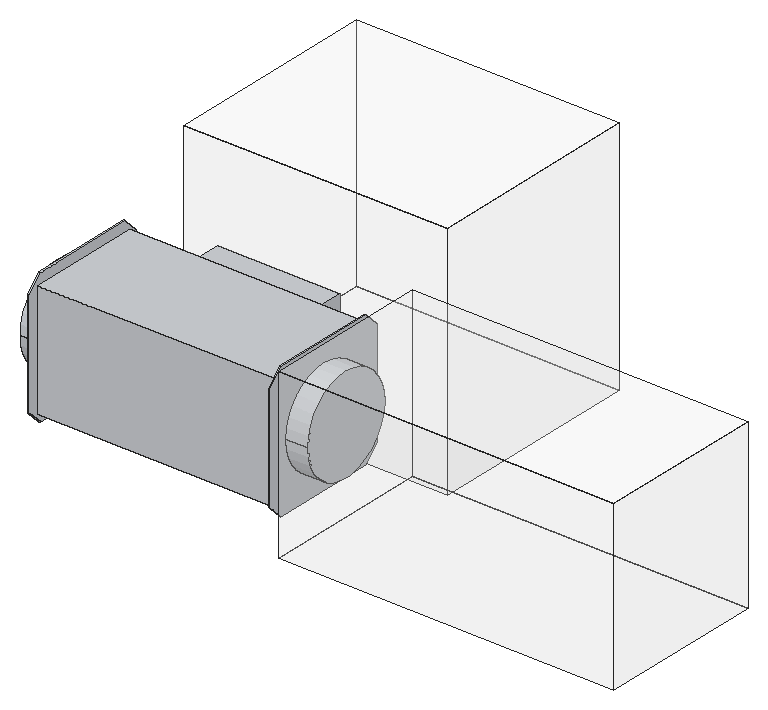
Revit family "140_VAV_変風量ユニット_丸ダクト用_R22", category Duct Accessories, Revit 2022
Family settings
  Round Connector Dimension = Use Diameter
  Part Type = Breaks Into
  OmniClass Number = 23.75.70.11.14.14
  OmniClass Title = Dampers for Air Ductwork
  Work Plane-Based = No
  Always vertical = Yes
  Cut with Voids When Loaded = No
  Shared = No
Parameters (values of type "変風量ユニット_丸ダクト用")
  風量 [instance] = 0.0 m³/h
  風速 = 0.0 m/s
  質量 = 7.00 kg
  製品出荷対象 = ""
  製品リリース年月 = ""
  法定耐用年数 = "15"
  圧力損失 [instance] = 0.0 Pa
  メンテナンススペース [instance] = yes
  メンテ_W [instance] = 700 mm
  メンテ_H [instance] = 350 mm
  メンテ_D [instance] = 350 mm
  VAV長さ [instance] = 550 mm
  Default Elevation = 0 mm
  2D記号 = 記号_変風量ユニット : 1/100
  製品グループ = ""
  耐圧 [instance] = ""
  符号 = "VAV"
  積算_科目 = ""
  積算_拾い区分 [instance] = ""
  built-in parameter 1114242 [instance] = 1
  材質 = ""
  方向2 [instance] = not(方向1)  # no
  方向1 [instance] = yes
  文字 [instance] = ""
  呼称 = "変風量ユニット"
  分類コード = "50059004100020"
  分類グループ = ""
  企業コード = ""
  仕様書バージョン = "Version1.0"
  仕様7 [instance] = ""
  仕様6 [instance] = ""
  仕様5 [instance] = ""
  仕様4 [instance] = ""
  仕様3 [instance] = ""
  仕様2 [instance] = ""
  仕様 [instance] = ""
  ダクト径 [instance] = 200 mm
  本体マテリアル = none
  コメント [instance] = ""
  Width [instance] = 280 mm
  Version = ""
  Uniclass2015Version = "Systems v1.9"
  Uniclass2015Title = "Variable air volume boxes"
  Uniclass2015Code = "Pr_65_65_24_93"
  SpecificationReference = ""
  SpecificationDescription = ""
  Revision = ""
  ProductInformation = ""
  OmniClassCode = "23-33 41 17 13"
  IfcTypeProduct = ""
  IfcProduct = ""
  IfcExportType = "VARIABLEFLOWPRESSUREDEPENDANT"
  IfcExportAs = "IfcAirTerminalBoxType"
  Height [instance] = 280 mm
  Depth = 600 mm
  Author = "Revit User Group Japan"
  2D [instance] = yes
Reference planes
  plane 1 "中心(正面/背面)": y = 0
  plane 2: z = 0
  plane 3 "中心(左/右)": x = 0
  plane 4: y = 140
  plane 5: x = 300
  plane 6: z = 140
  plane 7: z = -140
  plane 8: x = 0
  plane 9: y = -140
  plane 10: x = -300
  plane 11: x = -250
  plane 12: x = 250
  plane 13: y = 120
  plane 14: y = -120
  plane 15: z = 120
  plane 16: z = -120
  plane 17: y = -110
  plane 18: y = 110
  plane 19: z = 110
  plane 20: z = -110
  plane 21: y = -140
Forms (mm)
  Extrusion 1, solid, material <- "本体マテリアル", detail levels medium+fine
    sketch origin (-158.75, 0, 0) x (1, 0, 0) y (0, 1, 0)
      loop
        line (-91.25, 120) -> (-91.25, -120) -> (408.75, -120) -> (408.75, 120) -> (-91.25, 120)
    from -120 to 120
  Extrusion 2, solid, material <- "本体マテリアル", detail levels fine
    sketch origin (0, 0, 0) x (0, 1, 0) y (0, 0, 1)
      loop
        circle (0, 0) r 100
    from -300 to -250
  Extrusion 3, solid, material <- "本体マテリアル", detail levels fine
    sketch origin (0, 0, 0) x (0, 1, 0) y (0, 0, 1)
      loop
        circle (0, 0) r 100
    from 250 to 300
  Extrusion 4, solid, material <- "本体マテリアル", detail levels fine
    sketch origin (0, 0, 0) x (0, 1, 0) y (0, 0, 1)
      loop
        line (110, -140) -> (140, -110) -> (140, 110) -> (110, 140) -> (-110, 140) -> (-140, 110) -> (-140, -110) -> (-110, -140) -> (110, -140)
    from -250 to -252.5
  Extrusion 5, solid, material <- "本体マテリアル", detail levels fine
    sketch origin (0, 0, 0) x (0, 1, 0) y (0, 0, 1)
      loop
        line (110, -140) -> (140, -110) -> (140, 110) -> (110, 140) -> (-110, 140) -> (-140, 110) -> (-140, -110) -> (-110, -140) -> (110, -140)
    from 250 to 252.5
  Extrusion 6, solid
    sketch origin (-11.5, -10, 0) x (1, 0, 0) y (0, 1, 0)
      loop
        line (-168.5, 275) -> (-168.5, 130) -> (86.5, 130) -> (86.5, 275) -> (-168.5, 275)
    from -50 to 50
Lines and regions (mm)
  symbolic lines, visible <- "方向1", detail levels medium+fine
    curve 1: line (-250, 120, 0) -> (250, 0, 0)
    curve 2: line (250, 0, 0) -> (-250, -120, 0)
  symbolic lines, visible <- "方向2", detail levels fine
    curve 3: line (250, 120, 0) -> (-250, 0, 0)
    curve 4: line (-250, 0, 0) -> (250, -120, 0)
  model lines, style "メンテナンススペース", visible <- "メンテナンススペース"
    curve 5: line (-250, 715, 0) -> (300, 265, 0)
    curve 6: line (300, 715, 0) -> (-250, 265, 0)
Dimensions and locks
  equal spacing: plane 6, plane 2, plane 7
  equal spacing: plane 4, plane 1 "中心(正面/背面)", plane 9
  "Width": plane 4 to plane 9
  "Width": plane 7 to plane 6
  equal spacing: plane 10, plane 3 "中心(左/右)", plane 5
  "Depth": plane 10 to plane 5
  locked: plane 12 to plane 5 at 50
  locked: plane 10 to plane 11 at 50
  locked: plane 4 to plane 13 at 20
  locked: plane 9 to plane 14 at 20
  locked: plane 15 to plane 6 at 20
  locked: plane 7 to plane 16 at 20
  locked: plane 4 to plane 18 at 30
  locked: plane 17 to plane 9 at 30
  locked: plane 19 to plane 6 at 30
  locked: plane 7 to plane 20 at 30
  locked: plane 12 to Extrusion 5 at 2.5
  locked: Extrusion 4 to plane 11 at 2.5
  "Height": plane 4 to plane 21
  locked: Extrusion 6 to Extrusion 6 at 255
  "ダクト径": diameter of Extrusion 3 sketch curve
  "ダクト径": diameter of Extrusion 2 sketch curve
  aligned and locked: plane 3 "中心(左/右)" to plane 8
  aligned and locked: Extrusion 2 to plane 10
  aligned and locked: plane 11 to Extrusion 2
  aligned and locked: Extrusion 3 to plane 12
  aligned and locked: Extrusion 1 to plane 15
  aligned and locked: plane 16 to Extrusion 1
  aligned and locked: Extrusion 5 to plane 12
  aligned and locked: Extrusion 4 to plane 11
  aligned and locked: plane 5 to Extrusion 3
  aligned and locked: plane 1 "中心(正面/背面)" to nested 1
  aligned and locked: nested 2 to plane 1 "中心(正面/背面)"
  aligned and locked: nested 2 to plane 8
  aligned and locked: plane 8 to nested 1
Automatic sketch dimensions
  Extrusion 1 sketch curve to plane 11 = 0 mm
  Extrusion 1 sketch curve to plane 12 = 0 mm
  Extrusion 1 sketch curve to plane 14 = 0 mm
  Extrusion 1 sketch curve to plane 13 = 0 mm
  Extrusion 4 sketch curve to plane 9 = 0 mm
  plane 7 to Extrusion 4 sketch curve = 0 mm
  Extrusion 4 sketch curve to plane 17 = 0 mm  (x2)
  plane 6 to Extrusion 4 sketch curve = 0 mm
  Extrusion 4 sketch curve to plane 18 = 0 mm  (x2)
  Extrusion 4 sketch curve to plane 4 = 0 mm
  plane 20 to Extrusion 4 sketch curve = 0 mm  (x2)
  plane 19 to Extrusion 4 sketch curve = 0 mm  (x2)
  Extrusion 5 sketch curve to plane 9 = 0 mm
  plane 7 to Extrusion 5 sketch curve = 0 mm
  Extrusion 5 sketch curve to plane 17 = 0 mm  (x2)
  plane 6 to Extrusion 5 sketch curve = 0 mm
  Extrusion 5 sketch curve to plane 18 = 0 mm  (x2)
  Extrusion 5 sketch curve to plane 4 = 0 mm
  plane 20 to Extrusion 5 sketch curve = 0 mm  (x2)
  plane 19 to Extrusion 5 sketch curve = 0 mm  (x2)
  plane 1 "中心(正面/背面)" to curve 3 = 0 mm
  curve 3 to plane 11 = 0 mm
  curve 2 to plane 11 = 0 mm
  curve 1 to plane 11 = 0 mm
  curve 3 to plane 12 = 0 mm
  plane 1 "中心(正面/背面)" to curve 2 = 0 mm
  curve 2 to plane 12 = 0 mm
  curve 4 to plane 12 = 0 mm
  curve 2 to plane 14 = 0 mm
  plane 14 to curve 4 = 0 mm
  plane 13 to curve 3 = 0 mm
  curve 1 to plane 13 = 0 mm
  Extrusion 2 sketch curve to level = 0 mm
  Extrusion 2 sketch curve to plane 1 "中心(正面/背面)" = 0 mm
  Extrusion 3 sketch curve to level = 0 mm
  Extrusion 3 sketch curve to plane 1 "中心(正面/背面)" = 0 mm
  Extrusion 6 sketch curve to plane 5 = 480 mm
  Extrusion 6 sketch curve to Extrusion 6 sketch curve = 255 mm
  Extrusion 6 sketch curve to plane 4 = 20 mm
  Extrusion 6 sketch curve to Extrusion 6 sketch curve = 145 mm
  curve 6 to plane 5 = 550 mm
  curve 5 to plane 5 = 550 mm
  curve 5 to curve 6 = 550 mm
  plane 4 to curve 5 = 125 mm
  curve 5 to curve 6 = 0 mm
  plane 4 to curve 6 = 125 mm
  curve 5 to curve 6 = 450 mm
  curve 6 to curve 5 = 450 mm
Nested families
  nested 1: "記号_変風量ユニット" at (0, 0, 0), type "1/100", detail levels coarse
  nested 2: "記号_変風量ユニット" at (0, 0, 0) x (-1, 0, 0) z (0, 0, 1), type "1/100", not visible, detail levels coarse
  nested 3: "2D" at (650, 0, 0), visible <- "2D", type "サービススペース"
    with Width 700 mm, Height 350 mm, Depth 350 mm
  nested 4: "メンテナンススペース" at (25, 490, 0), visible <- "メンテナンススペース", type "サービススペース"
    with Width 550 mm, Depth 450 mm
Connectors
  hvac at (300, 0, 0), driven by "ダクト径", driven by "圧力損失", driven by "風量"
    settings: on Extrusion 3, index 3, duct flow 0.0 m³/h, flow factor 0, pres drop 0.0 Pa, loss coef 0, conn angle 0.00°, conn width 304.8 mm, conn height 304.8 mm, conn diameter 200 mm, duct sys type 29, conn prof type 0, flow config 1, flow direction 0, loss method 4, conn ref index 4, conn util no, is conn primary no, conn desc ""
  hvac at (-300, 0, 0), driven by "ダクト径", driven by "圧力損失", driven by "風量"
    settings: on Extrusion 2, index 4, duct flow 0.0 m³/h, flow factor 0, pres drop 0.0 Pa, loss coef 0, conn angle 0.00°, conn width 304.8 mm, conn height 304.8 mm, conn diameter 200 mm, duct sys type 29, conn prof type 0, flow config 1, flow direction 0, loss method 4, conn ref index 3, conn util no, is conn primary yes, conn desc ""
Definition of nested family "2D"
  Parameters (values of type "サービススペース")
    Default Elevation = 0 mm
    Width = 500 mm
    Height = 500 mm
    Depth = 500 mm
  Reference planes
    plane 1 "中心(正面/背面)": y = 0
    plane 2: z = 0
    plane 3 "中心(左/右)": x = 0
    plane 4: y = -250
    plane 5: x = 250
    plane 6: y = 250
    plane 7: x = -250
    plane 8: z = 250
    plane 9: z = -250
  Forms (mm)
    Extrusion 1, solid
      sketch origin (-638.939, 0, 72.39) x (1, 0, 0) y (0, 1, 0)
        loop
          line (388.939, 250) -> (388.939, -250) -> (888.939, -250) -> (888.939, 250) -> (388.939, 250)
      from -322.39 to 177.61
  Lines and regions (mm)
    symbolic lines
      curve 1: line (-250, 0, 250) -> (250, 0, 250)
      curve 2: line (-250, 0, -250) -> (-250, 0, 250)
      curve 3: line (250, 0, -250) -> (-250, 0, -250)
      curve 4: line (250, 0, 250) -> (250, 0, -250)
      curve 5: line (0, -250, 250) -> (0, 250, 250)
      curve 6: line (0, -250, -250) -> (0, -250, 250)
      curve 7: line (0, 250, -250) -> (0, -250, -250)
      curve 8: line (0, 250, 250) -> (0, 250, -250)
      curve 9: line (-250, 250, 0) -> (250, 250, 0)
      curve 10: line (-250, -250, 0) -> (-250, 250, 0)
      curve 11: line (250, -250, 0) -> (-250, -250, 0)
      curve 12: line (250, 250, 0) -> (250, -250, 0)
  Dimensions and locks
    equal spacing: plane 7, plane 3 "中心(左/右)", plane 5
    equal spacing: plane 4, plane 1 "中心(正面/背面)", plane 6
    "Depth": plane 4 to plane 6
    "Width": plane 7 to plane 5
    equal spacing: plane 8, plane 2, plane 9
    "Height": plane 8 to plane 9
    aligned and locked: plane 9 to curve 3
    aligned and locked: plane 7 to curve 2
    aligned and locked: curve 4 to plane 5
    aligned and locked: plane 5 to Extrusion 1
    aligned and locked: Extrusion 1 to plane 7
    aligned and locked: Extrusion 1 to plane 9
    aligned and locked: plane 8 to Extrusion 1
    aligned and locked: plane 9 to curve 7
  Automatic sketch dimensions
    plane 4 to Extrusion 1 sketch curve = 0 mm
    Extrusion 1 sketch curve to plane 7 = 0 mm
    Extrusion 1 sketch curve to plane 5 = 0 mm
    plane 6 to Extrusion 1 sketch curve = 0 mm
    curve 2 to plane 8 = 0 mm
    plane 4 to curve 11 = 0 mm
    curve 11 to plane 7 = 0 mm
    curve 11 to plane 5 = 0 mm
    plane 6 to curve 10 = 0 mm
    curve 7 to plane 4 = 0 mm
    curve 7 to plane 6 = 0 mm
    curve 6 to plane 8 = 0 mm
Definition of nested family "メンテナンススペース"
  Parameters (values of type "サービススペース")
    Default Elevation = 0 mm
    Width = 500 mm
    Height = 500 mm
    Depth = 500 mm
  Reference planes
    plane 1 "中心(正面/背面)": y = 0
    plane 2: z = 0
    plane 3 "中心(左/右)": x = 0
    plane 4: y = -250
    plane 5: x = 250
    plane 6: y = 250
    plane 7: x = -250
    plane 8: z = 250
    plane 9: z = -250
  Forms (mm)
    Extrusion 1, solid
      sketch origin (-638.939, 0, 72.39) x (1, 0, 0) y (0, 1, 0)
        loop
          line (388.939, 250) -> (388.939, -250) -> (888.939, -250) -> (888.939, 250) -> (388.939, 250)
      from -322.39 to 177.61
  Lines and regions (mm)
    symbolic lines
      curve 1: line (-250, 0, 250) -> (250, 0, 250)
      curve 2: line (-250, 0, -250) -> (-250, 0, 250)
      curve 3: line (250, 0, -250) -> (-250, 0, -250)
      curve 4: line (250, 0, 250) -> (250, 0, -250)
      curve 5: line (0, -250, 250) -> (0, 250, 250)
      curve 6: line (0, -250, -250) -> (0, -250, 250)
      curve 7: line (0, 250, -250) -> (0, -250, -250)
      curve 8: line (0, 250, 250) -> (0, 250, -250)
      curve 9: line (-250, 250, 0) -> (250, 250, 0)
      curve 10: line (-250, -250, 0) -> (-250, 250, 0)
      curve 11: line (250, -250, 0) -> (-250, -250, 0)
      curve 12: line (250, 250, 0) -> (250, -250, 0)
  Dimensions and locks
    equal spacing: plane 7, plane 3 "中心(左/右)", plane 5
    equal spacing: plane 4, plane 1 "中心(正面/背面)", plane 6
    "Depth": plane 4 to plane 6
    "Width": plane 7 to plane 5
    equal spacing: plane 8, plane 2, plane 9
    "Height": plane 8 to plane 9
    aligned and locked: plane 9 to curve 3
    aligned and locked: plane 7 to curve 2
    aligned and locked: curve 4 to plane 5
    aligned and locked: plane 5 to Extrusion 1
    aligned and locked: Extrusion 1 to plane 7
    aligned and locked: Extrusion 1 to plane 9
    aligned and locked: plane 8 to Extrusion 1
    aligned and locked: plane 9 to curve 7
  Automatic sketch dimensions
    plane 4 to Extrusion 1 sketch curve = 0 mm
    Extrusion 1 sketch curve to plane 7 = 0 mm
    Extrusion 1 sketch curve to plane 5 = 0 mm
    plane 6 to Extrusion 1 sketch curve = 0 mm
    curve 2 to plane 8 = 0 mm
    plane 4 to curve 11 = 0 mm
    curve 11 to plane 7 = 0 mm
    curve 11 to plane 5 = 0 mm
    plane 6 to curve 10 = 0 mm
    curve 7 to plane 4 = 0 mm
    curve 7 to plane 6 = 0 mm
    curve 6 to plane 8 = 0 mm
Definition of nested family "記号_変風量ユニット"
  Parameters
    倍率 = 1
    W = 5 mm * 倍率  # 5 mm
    D = 3 mm * 倍率  # 3 mm
  Reference planes
    plane 1: y = 0
    plane 2: x = 0
  Lines and regions (mm)
    Filled region 1, type "塗り潰し領域"
      outline origin (0, 0, 0) x (1, 0, 0) y (0, 1, 0)
        loop
          line (-2.5, -1.5) -> (2.5, 0) -> (-2.5, 1.5) -> (-2.5, -1.5)
    detail lines
      curve 1: line (-2.5, 1.5, 0) -> (2.5, 1.5, 0)
      curve 2: line (-2.5, -1.5, 0) -> (-2.5, 1.5, 0)
      curve 3: line (2.5, -1.5, 0) -> (-2.5, -1.5, 0)
      curve 4: line (2.5, 1.5, 0) -> (2.5, -1.5, 0)
      curve 5: line (-2.5, 1.5, 0) -> (2.5, 0, 0)
      curve 6: line (-2.5, -1.5, 0) -> (2.5, 0, 0)
    reference lines
      curve 7: line (-2.5, -4.77, 0) -> (-2.5, 4.892, 0)
      curve 8: line (2.5, 4.892, 0) -> (2.5, -4.77, 0)
      curve 9: line (-4.482, 1.5, 0) -> (4.48, 1.5, 0)
      curve 10: line (4.48, -1.5, 0) -> (-4.482, -1.5, 0)
  Dimensions and locks
    equal spacing: curve 10, plane 1, curve 9
    "D": curve 9 to curve 10
    equal spacing: curve 7, plane 2, curve 8
    "W": curve 7 to curve 8
    aligned and locked: curve 9 to curve 1
    aligned and locked: curve 10 to curve 3
    aligned and locked: curve 7 to curve 2
    aligned and locked: curve 8 to curve 4
    aligned and locked: curve 2 to Filled region 1 sketch curve
    aligned and locked: Filled region 1 sketch curve to curve 5
    aligned and locked: Filled region 1 sketch curve to curve 6
  Automatic sketch dimensions
    plane 1 to curve 5 = 0 mm
    curve 9 to curve 7 = 1.982 mm
    curve 10 to curve 9 = 0 mm
    curve 8 to curve 10 = 1.98 mm
    curve 9 to curve 10 = 0 mm
    curve 7 to curve 10 = 3.27 mm
    curve 8 to curve 10 = 3.27 mm
    curve 9 to curve 8 = 3.392 mm
    curve 9 to curve 7 = 3.392 mm
